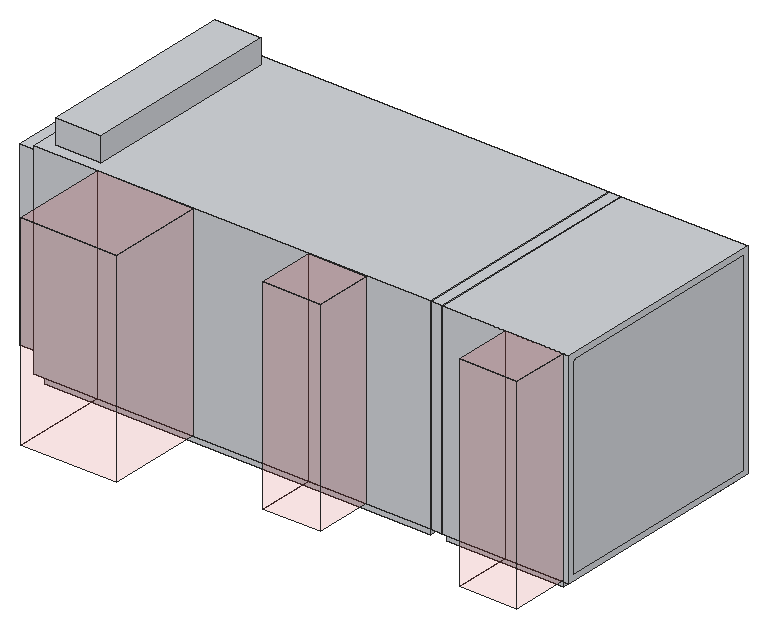
Revit family "Metric WinTADS Template 5", category Mechanical Equipment, Revit 2017
Family settings
  Round Connector Dimension = Use Diameter
  Part Type = Normal
  OmniClass Number = 23.75.00.00
  OmniClass Title = Climate Control (HVAC)
  Work Plane-Based = No
  Always vertical = Yes
  Cut with Voids When Loaded = No
  Shared = No
  Room Calculation Point = No
Parameters
  Mass = 1267.64 kg
Reference planes
  plane 1 "Center (Front/Back)": y = 0
  plane 2: z = 0
  plane 3 "Center (Left/Right)": x = 0
Forms (mm)
  Extrusion 1, solid
    sketch origin (0, 0, 0) x (1, 0, 0) y (0, 1, 0)
      loop
        line (-200, 1758) -> (-200, 100) -> (0, 100) -> (0, 1758) -> (-200, 1758)
    from 100 to 1598
  Extrusion 2, solid
    sketch origin (0, 0, 0) x (1, 0, 0) y (0, 1, 0)
      loop
        line (100, 1758) -> (100, 100) -> (478, 100) -> (478, 1758) -> (100, 1758)
    from 1698 to 1898
  Extrusion 3, solid
    sketch origin (0, 0, 0) x (1, 0, 0) y (0, 1, 0)
      loop
        line (4453.543, 1809) -> (4453.543, 49) -> (4454.457, 49) -> (4454.457, 1809) -> (4453.543, 1809)
    from 49 to 1649
  Extrusion 4, solid
    sketch origin (0, 0, 0) x (1, 0, 0) y (0, 1, 0)
      loop
        line (0, 1858) -> (0, 0) -> (3298, 0) -> (3298, 1858) -> (0, 1858)
    from 0 to 1698
  Extrusion 5, solid
    sketch origin (0, 0, 0) x (1, 0, 0) y (0, 1, 0)
      loop
        line (3298, 1858) -> (3298, 0) -> (3396, 0) -> (3396, 1858) -> (3298, 1858)
    from 0 to 1698
  Extrusion 6, solid
    sketch origin (0, 0, 0) x (1, 0, 0) y (0, 1, 0)
      loop
        line (3396, 1858) -> (3396, 0) -> (4454, 0) -> (4454, 1858) -> (3396, 1858)
    from 0 to 1698
  Extrusion 7, solid
    sketch origin (0, 0, 0) x (1, 0, 0) y (0, 1, 0)
      loop
        line (69, 75.5) -> (69, 26.5) -> (3278, 26.5) -> (3278, 75.5) -> (69, 75.5)
    from -62 to 0
  Extrusion 8, solid
    sketch origin (0, 0, 0) x (1, 0, 0) y (0, 1, 0)
      loop
        line (69, 1831.5) -> (69, 1782.5) -> (3278, 1782.5) -> (3278, 1831.5) -> (69, 1831.5)
    from -62 to 0
  Extrusion 9, solid
    sketch origin (0, 0, 0) x (1, 0, 0) y (0, 1, 0)
      loop
        line (69, 1782.5) -> (69, 75.5) -> (118, 75.5) -> (118, 1782.5) -> (69, 1782.5)
    from -62 to 0
  Extrusion 10, solid
    sketch origin (0, 0, 0) x (1, 0, 0) y (0, 1, 0)
      loop
        line (3229, 1782.5) -> (3229, 75.5) -> (3278, 75.5) -> (3278, 1782.5) -> (3229, 1782.5)
    from -62 to 0
  Extrusion 11, solid
    sketch origin (0, 0, 0) x (1, 0, 0) y (0, 1, 0)
      loop
        line (3416, 75.5) -> (3416, 26.5) -> (4385, 26.5) -> (4385, 75.5) -> (3416, 75.5)
    from -62 to 0
  Extrusion 12, solid
    sketch origin (0, 0, 0) x (1, 0, 0) y (0, 1, 0)
      loop
        line (3416, 1831.5) -> (3416, 1782.5) -> (4385, 1782.5) -> (4385, 1831.5) -> (3416, 1831.5)
    from -62 to 0
  Extrusion 13, solid
    sketch origin (0, 0, 0) x (1, 0, 0) y (0, 1, 0)
      loop
        line (3416, 1782.5) -> (3416, 75.5) -> (3465, 75.5) -> (3465, 1782.5) -> (3416, 1782.5)
    from -62 to 0
  Extrusion 14, solid
    sketch origin (0, 0, 0) x (1, 0, 0) y (0, 1, 0)
      loop
        line (4336, 1782.5) -> (4336, 75.5) -> (4385, 75.5) -> (4385, 1782.5) -> (4336, 1782.5)
    from -62 to 0
  Extrusion 15, solid, material "Clearance Zones"
    sketch origin (0, 0, 0) x (1, 0, 0) y (0, 1, 0)
      loop
        line (529, 0) -> (529, -800) -> (1329, -800) -> (1329, 0) -> (529, 0)
    from 0 to 1698
  Extrusion 16, solid, material "Clearance Zones"
    sketch origin (0, 0, 0) x (1, 0, 0) y (0, 1, 0)
      loop
        line (2289, 0) -> (2289, -480) -> (2769, -480) -> (2769, 0) -> (2289, 0)
    from 0 to 1698
  Extrusion 17, solid, material "Clearance Zones"
    sketch origin (0, 0, 0) x (1, 0, 0) y (0, 1, 0)
      loop
        line (3925, 0) -> (3925, -480) -> (4405, -480) -> (4405, 0) -> (3925, 0)
    from 0 to 1698
Dimensions and locks
  aligned and locked: level to plane 2
Connectors
  hvac at (289, 929, 1898)
    settings: on Extrusion 2, index 6, duct flow 5555.56 L/s, flow factor 0, pres drop 49.4216 Pa, loss coef 0, conn angle 0.00°, conn width 378 mm, conn height 1658 mm, conn diameter 609.6 mm, duct sys type 1, conn prof type 1, flow config 0, flow direction 1, loss method 4, conn ref index -1, conn util no, is conn primary yes, conn desc ""
  hvac at (4454.457, 929, 849)
    settings: on Extrusion 3, index 31, duct flow 5555.56 L/s, flow factor 0, pres drop 2.0 Pa, loss coef 0, conn angle 0.00°, conn width 1760 mm, conn height 1600 mm, conn diameter 609.6 mm, duct sys type 1, conn prof type 1, flow config 0, flow direction 2, loss method 4, conn ref index -1, conn util no, is conn primary no, conn desc ""
  hvac at (-200, 929, 849)
    settings: on Extrusion 1, index 35, duct flow 5555.56 L/s, flow factor 0, pres drop 3.27739 Pa, loss coef 0, conn angle 0.00°, conn width 1658 mm, conn height 1498 mm, conn diameter 609.6 mm, duct sys type 1, conn prof type 1, flow config 0, flow direction 1, loss method 4, conn ref index -1, conn util no, is conn primary no, conn desc ""
